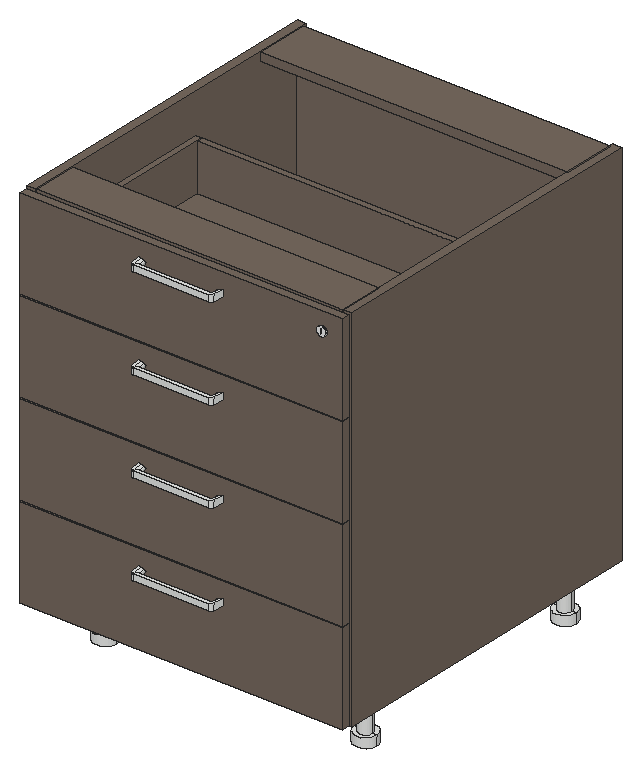
Revit family "Base_Cabinets-Teknion-CEBDF_Base_Cabinet_Four_Drawers-R2022", category Furniture, Revit 2023 (continued)
Dimensions and locks (in)
  Sweep 18 sketch curve to Sweep 18 sketch curve to Sweep 18 sketch curve to Sweep 18 sketch curve to Sweep 18 sketch curve to plane 3 "Center Left/Right" = 0.03625" locked, 0.001" locked, 0.23103" locked, 0.000" locked, 3.03336" locked
  Sweep 18 sketch curve to Sweep 18 sketch curve to Sweep 18 sketch curve to Sweep 18 sketch curve to Sweep 18 sketch curve to plane 2 = 0.11466" locked, 0.15109" locked, 0.15109" locked, 0.11416" locked, 33.04183" locked
  plane 2 to Sweep 23 sketch curve to Sweep 23 sketch curve = 7.6063" locked, 27.3937" locked
  equal spacing: Sweep 23 sketch curve, plane 3 "Center Left/Right", Sweep 23 sketch curve
  Sweep 23 sketch curve to Sweep 23 sketch curve to plane 7 "Front" to Sweep 23 sketch curve = 0.51007" locked, 0.7874" locked, 0.63829" locked
  Sweep 24 sketch curve to Sweep 24 sketch curve to plane 7 "Front" = 15.66929" locked, 0.83858" locked
  Sweep 24 sketch curve to Sweep 24 sketch curve to plane 5 "Right" = 0.43701" locked, 0.74016" locked
  Sweep 24 sketch curve to Sweep 24 sketch curve to plane 4 "Left" = 0.43701" locked, 0.74016" locked
  locked: Sweep 24 sketch curve to Sweep 24 sketch curve at 1.5  (x4)
  locked: Sweep 25 sketch curve to plane 7 "Front" at 0.05906
  Sweep 25 sketch curve to Sweep 25 sketch curve to Sweep 25 sketch curve to plane 5 "Right" = 0.04921" locked, 0.04921" locked, 1.70276" locked
  plane 8 "Top" to Sweep 25 sketch curve to Sweep 25 sketch curve to Sweep 25 sketch curve = 1.39173" locked, 0.18701" locked, 0.18701" locked
  Masking region 4 sketch curve to Masking region 4 sketch curve to Masking region 4 sketch curve to plane 3 "Center Left/Right" to Masking region 4 sketch curve to Masking region 4 sketch curve to Masking region 4 sketch curve = 0.50841" locked, 0.12564" locked, 2.86103" locked, 2.86103" locked, 0.12564" locked, 0.50841" locked
  locked: plane 12 to plane 14 at 0.11812
  locked: plane 15 to plane 16 at 0.11812
  "Dim - Front": plane 14 to plane 15
  locked: plane 17 to plane 9 at 0.11811
  "Dim - Front": plane 16 to plane 17
  locked: plane 8 "Top" to plane 18 at 0.11811
  locked: plane 7 "Front" to Sweep 26 sketch curve at 0.70079
  locked: Sweep 26 sketch curve to plane 4 "Left" at 0.05906
  locked: Sweep 26 sketch curve to plane 5 "Right" at 0.05906
  Sweep 27 sketch curve to Sweep 27 sketch curve to plane 2 = 0.531" locked, 16.04282" locked
  Sweep 27 sketch curve to Sweep 27 sketch curve to Sweep 27 sketch curve to Sweep 27 sketch curve to Sweep 27 sketch curve to plane 3 "Center Left/Right" to Sweep 27 sketch curve to Sweep 27 sketch curve to Sweep 27 sketch curve to Sweep 27 sketch curve to Sweep 27 sketch curve = 0.09873" locked, 0.03907" locked, 0.12564" locked, 0.08343" locked, 3.14821" locked, 3.14821" locked, 0.08343" locked, 0.12564" locked, 0.03907" locked, 0.09873" locked
  Sweep 27 sketch curve to Sweep 27 sketch curve to plane 7 "Front" = 0.23622" locked, 0.7874" locked
  Sweep 28 sketch curve to Sweep 28 sketch curve to plane 2 = 0.531" locked, 9.98081" locked
  Sweep 28 sketch curve to Sweep 28 sketch curve to Sweep 28 sketch curve to Sweep 28 sketch curve to Sweep 28 sketch curve to plane 3 "Center Left/Right" to Sweep 28 sketch curve to Sweep 28 sketch curve to Sweep 28 sketch curve to Sweep 28 sketch curve to Sweep 28 sketch curve = 0.09873" locked, 0.03907" locked, 0.12564" locked, 0.08343" locked, 3.14821" locked, 3.14821" locked, 0.08343" locked, 0.12564" locked, 0.03907" locked, 0.09873" locked
  Sweep 28 sketch curve to Sweep 28 sketch curve to plane 7 "Front" = 0.23622" locked, 0.7874" locked
  Sweep 30 sketch curve to Sweep 30 sketch curve to Sweep 30 sketch curve to Sweep 30 sketch curve to Sweep 30 sketch curve to plane 3 "Center Left/Right" = 0.03625" locked, 0.001" locked, 0.23103" locked, 0.000" locked, 3.03336" locked
  Sweep 30 sketch curve to Sweep 30 sketch curve to Sweep 30 sketch curve to Sweep 30 sketch curve to Sweep 30 sketch curve to plane 2 = 0.11466" locked, 0.15109" locked, 0.15109" locked, 0.11416" locked, 16.04282" locked
  plane 3 "Center Left/Right" to Sweep 30 sketch curve to Sweep 30 sketch curve = 3.17469" locked, 0.25392" locked
  Sweep 30 sketch curve to plane 7 "Front" to Sweep 30 sketch curve = 1.14439" locked, 0.44698" locked
  Sweep 29 sketch curve to Sweep 29 sketch curve to Sweep 29 sketch curve to Sweep 29 sketch curve to Sweep 29 sketch curve to plane 3 "Center Left/Right" = 0.03625" locked, 0.001" locked, 0.23103" locked, 0.000" locked, 3.03336" locked
  Sweep 29 sketch curve to Sweep 29 sketch curve to Sweep 29 sketch curve to Sweep 29 sketch curve to Sweep 29 sketch curve to plane 2 = 0.11466" locked, 0.15109" locked, 0.15109" locked, 0.11416" locked, 9.98081" locked
  plane 3 "Center Left/Right" to Sweep 29 sketch curve to Sweep 29 sketch curve = 3.17469" locked, 0.25392" locked
  Sweep 29 sketch curve to plane 7 "Front" to Sweep 29 sketch curve = 1.14439" locked, 0.44698" locked
  Sweep 31 sketch curve to Sweep 31 sketch curve to Sweep 31 sketch curve to Sweep 31 sketch curve to Sweep 31 sketch curve to plane 3 "Center Left/Right" = 0.03625" locked, 0.001" locked, 0.23103" locked, 0.000" locked, 3.03336" locked
  Sweep 31 sketch curve to Sweep 31 sketch curve to Sweep 31 sketch curve to Sweep 31 sketch curve to Sweep 31 sketch curve to plane 2 = 0.11466" locked, 0.15109" locked, 0.15109" locked, 0.11416" locked, 16.04282" locked
  plane 3 "Center Left/Right" to Sweep 31 sketch curve to Sweep 31 sketch curve = 3.17469" locked, 0.25392" locked
  Sweep 31 sketch curve to plane 7 "Front" to Sweep 31 sketch curve = 1.14439" locked, 0.44698" locked
  Sweep 32 sketch curve to Sweep 32 sketch curve to Sweep 32 sketch curve to Sweep 32 sketch curve to Sweep 32 sketch curve to plane 3 "Center Left/Right" = 0.03625" locked, 0.001" locked, 0.23103" locked, 0.000" locked, 3.03336" locked
  Sweep 32 sketch curve to Sweep 32 sketch curve to Sweep 32 sketch curve to Sweep 32 sketch curve to Sweep 32 sketch curve to plane 2 = 0.11466" locked, 0.15109" locked, 0.15109" locked, 0.11416" locked, 9.98081" locked
  Sweep 33 sketch curve to Sweep 33 sketch curve to plane 2 = 0.531" locked, 9.16831" locked
  Sweep 36 sketch curve to Sweep 36 sketch curve to plane 2 = 0.531" locked, 17.66782" locked
  Sweep 36 sketch curve to Sweep 36 sketch curve to Sweep 36 sketch curve to Sweep 36 sketch curve to Sweep 36 sketch curve to plane 3 "Center Left/Right" to Sweep 36 sketch curve to Sweep 36 sketch curve to Sweep 36 sketch curve to Sweep 36 sketch curve to Sweep 36 sketch curve = 0.09873" locked, 0.03907" locked, 0.12564" locked, 0.08343" locked, 3.14821" locked, 3.14821" locked, 0.08343" locked, 0.12564" locked, 0.03907" locked, 0.09873" locked
  Sweep 36 sketch curve to Sweep 36 sketch curve to plane 7 "Front" = 0.23622" locked, 0.7874" locked
  Sweep 33 sketch curve to Sweep 33 sketch curve to Sweep 33 sketch curve to Sweep 33 sketch curve to Sweep 33 sketch curve to plane 3 "Center Left/Right" to Sweep 33 sketch curve to Sweep 33 sketch curve to Sweep 33 sketch curve to Sweep 33 sketch curve to Sweep 33 sketch curve = 0.09873" locked, 0.03907" locked, 0.12564" locked, 0.08343" locked, 3.14821" locked, 3.14821" locked, 0.08343" locked, 0.12564" locked, 0.03907" locked, 0.09873" locked
  Sweep 33 sketch curve to Sweep 33 sketch curve to plane 7 "Front" = 0.23622" locked, 0.7874" locked
  plane 3 "Center Left/Right" to Sweep 34 sketch curve to Sweep 34 sketch curve = 3.17469" locked, 0.25392" locked
  Sweep 34 sketch curve to plane 7 "Front" to Sweep 34 sketch curve = 1.14439" locked, 0.44698" locked
  Sweep 34 sketch curve to Sweep 34 sketch curve to Sweep 34 sketch curve to Sweep 34 sketch curve to Sweep 34 sketch curve to plane 3 "Center Left/Right" = 0.03625" locked, 0.001" locked, 0.23103" locked, 0.000" locked, 3.03336" locked
  Sweep 34 sketch curve to Sweep 34 sketch curve to Sweep 34 sketch curve to Sweep 34 sketch curve to Sweep 34 sketch curve to plane 2 = 0.11466" locked, 0.15109" locked, 0.15109" locked, 0.11416" locked, 9.16831" locked
  Sweep 35 sketch curve to Sweep 35 sketch curve to Sweep 35 sketch curve to Sweep 35 sketch curve to Sweep 35 sketch curve to plane 3 "Center Left/Right" = 0.03625" locked, 0.001" locked, 0.23103" locked, 0.000" locked, 3.03336" locked
  Sweep 35 sketch curve to Sweep 35 sketch curve to Sweep 35 sketch curve to Sweep 35 sketch curve to Sweep 35 sketch curve to plane 2 = 0.11466" locked, 0.15109" locked, 0.15109" locked, 0.11416" locked, 9.16831" locked
  Sweep 35 sketch curve to Sweep 35 sketch curve to plane 3 "Center Left/Right" = 0.25392" locked, 3.17469" locked
  Sweep 35 sketch curve to plane 7 "Front" to Sweep 35 sketch curve = 1.14439" locked, 0.44698" locked
  Sweep 37 sketch curve to plane 7 "Front" to Sweep 37 sketch curve = 1.14439" locked, 0.44698" locked
  plane 3 "Center Left/Right" to Sweep 37 sketch curve to Sweep 37 sketch curve = 3.17469" locked, 0.25392" locked
  Sweep 37 sketch curve to Sweep 37 sketch curve to Sweep 37 sketch curve to Sweep 37 sketch curve to Sweep 37 sketch curve to plane 3 "Center Left/Right" = 0.03625" locked, 0.001" locked, 0.23103" locked, 0.000" locked, 3.03336" locked
  Sweep 37 sketch curve to Sweep 37 sketch curve to Sweep 37 sketch curve to Sweep 37 sketch curve to Sweep 37 sketch curve to plane 2 = 0.11466" locked, 0.15109" locked, 0.15109" locked, 0.11416" locked, 17.66782" locked
  Sweep 38 sketch curve to Sweep 38 sketch curve to Sweep 38 sketch curve to Sweep 38 sketch curve to Sweep 38 sketch curve to plane 3 "Center Left/Right" = 0.03625" locked, 0.001" locked, 0.23103" locked, 0.000" locked, 3.03336" locked
  Sweep 38 sketch curve to Sweep 38 sketch curve to Sweep 38 sketch curve to Sweep 38 sketch curve to Sweep 38 sketch curve to plane 2 = 0.11466" locked, 0.15109" locked, 0.15109" locked, 0.11416" locked, 17.66782" locked
  Sweep 38 sketch curve to Sweep 38 sketch curve to plane 3 "Center Left/Right" = 0.25392" locked, 3.17469" locked
  Sweep 38 sketch curve to plane 7 "Front" to Sweep 38 sketch curve = 1.14439" locked, 0.44698" locked
  locked: Sweep 10 sketch curve to Sweep 10 sketch curve at 0.43307
  Sweep 10 sketch curve to Sweep 10 sketch curve to plane 15 = 0.43307" locked, 0.650" locked
  Sweep 10 sketch curve to Sweep 10 sketch curve to plane 12 = 0.43307" locked, 0.65019" locked
  locked: plane 19 to plane 20 at 0.11812
  "Dim - Front": plane 20 to plane 12
  Sweep 10 sketch curve to Sweep 10 sketch curve to plane 19 = 0.43307" locked, 0.64928" locked
  locked: Sweep 10 sketch curve to Sweep 10 sketch curve at 1.5  (x2)
  locked: plane 5 "Right" to Sweep 10 sketch curve at 0.97638
  locked: Sweep 10 sketch curve to plane 4 "Left" at 0.97638
  locked: Sweep 10 sketch curve to plane 17 at 1.77756
  Sweep 39 sketch curve to Sweep 39 sketch curve to plane 7 "Front" = 19.29134" locked, 0.70079" locked
  "Dim - Height - Drawer - Undermount": Sweep 39 sketch curve to Sweep 39 sketch curve  (x4)
  locked: Sweep 39 sketch curve to plane 19 at 1.12172
  locked: Sweep 39 sketch curve to plane 12 at 1.12172
  locked: Sweep 39 sketch curve to plane 15 at 1.12172
  locked: Sweep 39 sketch curve to plane 17 at 2.25
  locked: Sweep 39 sketch curve to Sweep 39 sketch curve at 0.62992  (x2)
  locked: Sweep 39 sketch curve to plane 5 "Right" at 0.89764
  locked: Sweep 39 sketch curve to plane 4 "Left" at 0.89764
  locked: Sweep 40 sketch curve to plane 5 "Right" at 1.52756
  locked: plane 4 "Left" to Sweep 40 sketch curve at 1.52756
  "Dim - Height - Drawer - Undermount": Sweep 40 sketch curve to Sweep 40 sketch curve  (x4)
  plane 7 "Front" to Sweep 40 sketch curve to Sweep 40 sketch curve to Sweep 40 sketch curve to Sweep 40 sketch curve = 0.70079" locked, 0.62992" locked, 18.0315" locked, 0.62992" locked
  locked: Sweep 40 sketch curve to plane 17 at 2.25
  locked: Sweep 40 sketch curve to plane 15 at 1.12172
  locked: Sweep 40 sketch curve to plane 12 at 1.12172
  locked: Sweep 40 sketch curve to plane 19 at 1.12172
  locked: plane 4 "Left" to Sweep 41 sketch curve at 1.52756
  locked: Sweep 41 sketch curve to plane 5 "Right" at 1.52756
  Sweep 41 sketch curve to Sweep 41 sketch curve to plane 17 = 1.22047" locked, 2.250" locked
  plane 15 to Sweep 41 sketch curve to Sweep 41 sketch curve = 1.12172" locked, 1.22047" locked
  Sweep 41 sketch curve to Sweep 41 sketch curve to plane 12 = 1.22047" locked, 1.12172" locked
  Sweep 41 sketch curve to Sweep 41 sketch curve to plane 19 = 1.22047" locked, 1.12172" locked
  plane 7 "Front" to Sweep 41 sketch curve to Sweep 41 sketch curve = 1.33071" locked, 18.0315" locked
  locked: Sweep 24 sketch curve to plane 19 at 1.17833
  locked: Sweep 24 sketch curve to plane 12 at 1.17794
  locked: Sweep 24 sketch curve to plane 15 at 1.17756
  locked: Sweep 24 sketch curve to plane 17 at 2.5
  plane 7 "Front" to Sweep 42 sketch curve to Sweep 42 sketch curve = 0.70079" locked, 16.14173" locked
  Sweep 42 sketch curve to Sweep 42 sketch curve to plane 4 "Left" = 0.52362" locked, 1.21654" locked
  Sweep 42 sketch curve to Sweep 42 sketch curve to plane 5 "Right" = 0.52362" locked, 1.21654" locked
  "Dim - Height - Drawer - Standard": Sweep 42 sketch curve to Sweep 42 sketch curve  (x4)
  Sweep 42 sketch curve to plane 15 = 0.177"
  Sweep 42 sketch curve to plane 12 = 0.177"
  Sweep 42 sketch curve to plane 19 = 0.177"
  locked: plane 4 "Left" to Sweep 43 sketch curve at 1.74016
  locked: Sweep 43 sketch curve to plane 5 "Right" at 1.74016
  "Dim - Height - Drawer - Standard": Sweep 43 sketch curve to Sweep 43 sketch curve  (x4)
  locked: Sweep 43 sketch curve to plane 17 at 1.5
  locked: Sweep 43 sketch curve to plane 15 at 0.177
  locked: Sweep 43 sketch curve to plane 12 at 0.177
  locked: Sweep 43 sketch curve to plane 19 at 0.177
  locked: plane 4 "Left" to Sweep 44 sketch curve at 1.74016
  locked: Sweep 44 sketch curve to plane 5 "Right" at 1.74016
  plane 19 to Sweep 44 sketch curve to Sweep 44 sketch curve = 0.177" locked, 0.79134" locked
  Sweep 44 sketch curve to Sweep 44 sketch curve to plane 12 = 0.79134" locked, 0.177" locked
  Sweep 44 sketch curve to Sweep 44 sketch curve to plane 15 = 0.79134" locked, 0.177" locked
  Sweep 44 sketch curve to Sweep 44 sketch curve to plane 17 = 0.79134" locked, 1.500" locked
  plane 7 "Front" to Sweep 44 sketch curve to Sweep 44 sketch curve = 1.22441" locked, 15.09449" locked
  plane 7 "Front" to Sweep 43 sketch curve to Sweep 43 sketch curve to Sweep 43 sketch curve to Sweep 43 sketch curve = 0.70079" locked, 0.52362" locked, 15.09449" locked, 0.52362" locked
  Sweep 24 to Sweep 42 sketch curve = 0.42323"
  Sweep 42 sketch curve to plane 17 = 1.500"
  aligned and locked: level to plane 2
  aligned and locked: plane 4 "Left" to Sweep 1 sketch curve
  aligned and locked: plane 1 "Center Front/Back" to Sweep 1 sketch curve
  aligned and locked: Sweep 1 sketch curve to plane 8 "Top"
  aligned and locked: Sweep 1 sketch curve to plane 6 "Back"
  aligned and locked: plane 9 to Sweep 1 sketch curve
  aligned and locked: Sweep 2 sketch curve to plane 1 "Center Front/Back"
  aligned and locked: plane 5 "Right" to Sweep 2 sketch curve
  aligned and locked: plane 8 "Top" to Sweep 2 sketch curve
  aligned and locked: plane 6 "Back" to Sweep 2 sketch curve
  aligned and locked: Sweep 2 sketch curve to plane 9
  aligned and locked: Sweep 3 sketch curve to plane 1 "Center Front/Back"
  aligned and locked: plane 8 "Top" to Sweep 3 sketch curve
  aligned and locked: Sweep 3 sketch curve to plane 8 "Top"
  aligned and locked: Sweep 4 sketch curve to plane 1 "Center Front/Back"
  aligned and locked: curve 1 to plane 6 "Back"
  aligned and locked: plane 7 "Front" to curve 2
  aligned and locked: curve 3 to plane 4 "Left"
  aligned and locked: plane 5 "Right" to curve 4
  aligned and locked: plane 7 "Front" to nested 4
  aligned and locked: nested 4 to plane 5 "Right"
  aligned and locked: nested 3 to plane 5 "Right"
  aligned and locked: nested 3 to plane 6 "Back"
  aligned and locked: nested 1 to plane 6 "Back"
  aligned and locked: plane 4 "Left" to nested 1
  aligned and locked: nested 2 to plane 4 "Left"
  aligned and locked: plane 7 "Front" to nested 2
  aligned and locked: Sweep 5 sketch curve to plane 3 "Center Left/Right"
  aligned and locked: plane 9 to Sweep 5 sketch curve
  aligned and locked: Revolve 9 sketch curve to plane 9
  aligned and locked: plane 2 to Revolve 9 sketch curve
  aligned and locked: Revolve 6 sketch curve to plane 9
  aligned and locked: plane 2 to Revolve 6 sketch curve
  aligned and locked: plane 2 to Revolve 7 sketch curve
  aligned and locked: Revolve 7 sketch curve to plane 9
  aligned and locked: Revolve 8 sketch curve to plane 9
  aligned and locked: plane 2 to Revolve 8 sketch curve
  aligned and locked: plane 3 "Center Left/Right" to Sweep 10 sketch curve
  aligned and locked: Sweep 10 sketch curve to Sweep 10 sketch curve  (x20)
  aligned and locked: Sweep 11 sketch curve to plane 3 "Center Left/Right"
  aligned and locked: plane 7 "Front" to Sweep 11 sketch curve  (x2)
  aligned and locked: Sweep 12 sketch curve to plane 3 "Center Left/Right"
  aligned and locked: plane 7 "Front" to Sweep 12 sketch curve  (x2)
  aligned and locked: plane 3 "Center Left/Right" to Sweep 13 sketch curve
  aligned and locked: plane 7 "Front" to Sweep 13 sketch curve  (x2)
  aligned and locked: Sweep 14 sketch curve to plane 3 "Center Left/Right"
  aligned and locked: plane 7 "Front" to Sweep 14 sketch curve  (x2)
  aligned and locked: Sweep 23 sketch curve to plane 3 "Center Left/Right"
  aligned and locked: plane 7 "Front" to Sweep 23 sketch curve
  aligned and locked: Sweep 23 sketch curve to Sweep 23 sketch curve  (x2)
  aligned and locked: plane 3 "Center Left/Right" to Sweep 24 sketch curve
  aligned and locked: Sweep 24 sketch curve to Sweep 24 sketch curve  (x16)
  aligned and locked: Sweep 25 sketch curve to plane 3 "Center Left/Right"
  aligned and locked: plane 7 "Front" to Sweep 25 sketch curve
  aligned and locked: Masking region 1 sketch curve to Sweep 1  (x2)
  aligned and locked: Sweep 1 to Masking region 1 sketch curve
  aligned and locked: Masking region 1 sketch curve to Sweep 3  (x2)
  aligned and locked: Masking region 1 sketch curve to Sweep 2  (x3)
  aligned and locked: Masking region 3 sketch curve to Sweep 25  (x4)
  aligned and locked: Masking region 4 sketch curve to cut or joined group of Sweep 14, Sweep 15, Sweep 19, Sweep 23  (x3)
  aligned and locked: cut or joined group of Sweep 14, Sweep 15, Sweep 19, Sweep 23 to Masking region 4 sketch curve
  aligned and locked: plane 7 "Front" to Masking region 4 sketch curve
  aligned and locked: plane 3 "Center Left/Right" to Sweep 26 sketch curve
  aligned and locked: plane 7 "Front" to Sweep 26 sketch curve
  aligned and locked: plane 17 to Sweep 26 sketch curve
  aligned and locked: Sweep 26 sketch curve to plane 16
  aligned and locked: plane 15 to Sweep 26 sketch curve
  aligned and locked: Sweep 26 sketch curve to plane 14
  aligned and locked: Sweep 26 sketch curve to plane 18
  aligned and locked: Sweep 26 sketch curve to Sweep 26 sketch curve  (x6)
  aligned and locked: Sweep 27 sketch curve to plane 3 "Center Left/Right"
  aligned and locked: Sweep 27 sketch curve to plane 7 "Front"  (x2)
  aligned and locked: plane 3 "Center Left/Right" to Sweep 28 sketch curve
  aligned and locked: Sweep 28 sketch curve to plane 7 "Front"  (x2)
  aligned and locked: Sweep 33 sketch curve to plane 3 "Center Left/Right"
  aligned and locked: Sweep 36 sketch curve to plane 7 "Front"  (x2)
  aligned and locked: Sweep 33 sketch curve to plane 7 "Front"  (x2)
  aligned and locked: curve 5 to cut or joined group of Sweep 13, Sweep 18, Sweep 20, Sweep 23
  aligned and locked: curve 6 to cut or joined group of Sweep 13, Sweep 18, Sweep 20, Sweep 23
  aligned and locked: curve 7 to cut or joined group of Sweep 13, Sweep 18, Sweep 20, Sweep 23
  aligned and locked: curve 8 to Sweep 1
  aligned and locked: curve 9 to Sweep 2
  aligned and locked: curve 10 to Sweep 3
  aligned and locked: curve 11 to Sweep 3
  aligned and locked: curve 12 to Sweep 24
  aligned and locked: Sweep 24 to curve 13
  aligned and locked: Sweep 24 to curve 14
  aligned and locked: curve 15 to Sweep 24
  aligned and locked: Sweep 24 to curve 16
  aligned and locked: curve 17 to Sweep 24
  aligned and locked: curve 18 to Sweep 24
  aligned and locked: Sweep 24 to curve 19
  aligned and locked: curve 21 to Sweep 24
  aligned and locked: Sweep 24 to curve 20
  aligned and locked: curve 22 to Sweep 10
  aligned and locked: curve 23 to Sweep 10
  aligned and locked: curve 24 to Sweep 10
  aligned and locked: curve 25 to Sweep 10
  aligned and locked: curve 26 to Sweep 10
  aligned and locked: curve 27 to Sweep 10
  aligned and locked: curve 28 to Revolve 6
  aligned and locked: curve 29 to Revolve 6
  aligned and locked: curve 30 to Revolve 6
  aligned and locked: curve 31 to Revolve 6
  aligned and locked: curve 32 to Revolve 7
  aligned and locked: curve 33 to Revolve 7
  aligned and locked: curve 34 to Revolve 7
  aligned and locked: curve 35 to Revolve 7
  aligned and locked: curve 36 to Revolve 8
  aligned and locked: curve 37 to Revolve 8
  aligned and locked: curve 38 to Revolve 8
  aligned and locked: curve 39 to Revolve 8
  aligned and locked: curve 40 to Revolve 9
  aligned and locked: curve 41 to Revolve 9
  aligned and locked: curve 42 to Revolve 9
  aligned and locked: curve 43 to Revolve 9
  aligned and locked: curve 44 to Sweep 25
  aligned and locked: curve 45 to Sweep 25
  aligned and locked: plane 19 to Sweep 26 sketch curve
  aligned and locked: Sweep 26 sketch curve to plane 20
  aligned and locked: plane 12 to Sweep 26 sketch curve
  aligned and locked: Sweep 39 sketch curve to plane 3 "Center Left/Right"
  aligned and locked: Sweep 39 sketch curve to Sweep 39 sketch curve  (x20)
  aligned and locked: Sweep 40 sketch curve to plane 1 "Center Front/Back"
  aligned and locked: Sweep 40 sketch curve to Sweep 40 sketch curve  (x20)
  aligned and locked: Sweep 41 sketch curve to plane 1 "Center Front/Back"
  aligned and locked: Sweep 41 sketch curve to Sweep 41 sketch curve  (x6)
  aligned and locked: Sweep 42 sketch curve to plane 3 "Center Left/Right"
  aligned and locked: Sweep 42 sketch curve to Sweep 42 sketch curve  (x19)
  aligned and locked: Sweep 43 sketch curve to plane 1 "Center Front/Back"
  aligned and locked: Sweep 43 sketch curve to Sweep 43 sketch curve  (x20)
  aligned and locked: plane 1 "Center Front/Back" to Sweep 44 sketch curve
  aligned and locked: Sweep 44 sketch curve to Sweep 44 sketch curve  (x6)
  aligned and locked: Masking region 5 sketch curve to Sweep 42  (x2)
  aligned and locked: Sweep 1 to Masking region 5 sketch curve
  aligned and locked: Sweep 26 to Masking region 5 sketch curve
  aligned and locked: Masking region 6 sketch curve to Sweep 39  (x2)
  aligned and locked: Sweep 1 to Masking region 6 sketch curve
  aligned and locked: Sweep 26 to Masking region 6 sketch curve
  aligned and locked: Sweep 42 to curve 46
  aligned and locked: curve 47 to Sweep 42
  aligned and locked: curve 48 to Sweep 43
  aligned and locked: Sweep 42 to curve 49
  aligned and locked: curve 50 to Sweep 42
  aligned and locked: curve 51 to Sweep 43
  aligned and locked: curve 52 to Sweep 43
  aligned and locked: curve 53 to Sweep 42
  aligned and locked: curve 54 to Sweep 43
  aligned and locked: curve 55 to Sweep 43
  aligned and locked: Sweep 42 to curve 56
  aligned and locked: Sweep 39 to curve 57
  aligned and locked: curve 58 to Sweep 39
  aligned and locked: curve 59 to Sweep 40
  aligned and locked: Sweep 39 to curve 60
  aligned and locked: curve 61 to Sweep 39
  aligned and locked: Sweep 39 to curve 62
  aligned and locked: Sweep 39 to curve 63
  aligned and locked: Sweep 39 to curve 64
  aligned and locked: Sweep 39 to curve 65
  aligned and locked: plane 13 to curve 66
  aligned and locked: curve 70 to Sweep 40
  aligned and locked: curve 69 to Sweep 40
  aligned and locked: curve 71 to Sweep 40
  aligned and locked: curve 67 to Sweep 40
  aligned and locked: plane 13 to curve 74
  aligned and locked: plane 13 to curve 76
  aligned and locked: plane 13 to curve 75
  aligned and locked: curve 76 to Sweep 40
  aligned and locked: curve 75 to Sweep 40
  aligned and locked: curve 74 to Sweep 39
  aligned and locked: curve 77 to Sweep 40
  aligned and locked: curve 78 to Sweep 4
Automatic sketch dimensions
  Sweep 15 sketch curve to profile plane = 0.000"
  Sweep 15 sketch curve to profile plane = 0.03671"
  Sweep 15 sketch curve to profile plane = 0.03773"
  Sweep 15 sketch curve to profile plane = 0.19795"
  Sweep 15 sketch curve to Sweep 15 sketch curve = 0.07373"  (x2)
  level to Sweep 15 sketch curve = 29.79597"
  Sweep 15 sketch curve to Sweep 15 sketch curve = 0.11416"
  Sweep 16 sketch curve to profile plane = 0.000"
  Sweep 16 sketch curve to profile plane = 0.03671"
  Sweep 16 sketch curve to profile plane = 0.03773"
  Sweep 16 sketch curve to profile plane = 0.19795"
  Sweep 16 sketch curve to Sweep 16 sketch curve = 0.07373"  (x2)
  profile plane to Sweep 16 sketch curve = 29.79597"
  Sweep 16 sketch curve to Sweep 16 sketch curve = 0.11416"
  Sweep 17 sketch curve to profile plane = 0.000"
  Sweep 17 sketch curve to profile plane = 0.03671"
  Sweep 17 sketch curve to profile plane = 0.03773"
  Sweep 17 sketch curve to profile plane = 0.19795"
  Sweep 17 sketch curve to Sweep 17 sketch curve = 0.07373"  (x2)
  profile plane to Sweep 17 sketch curve = 29.79597"
  Sweep 17 sketch curve to Sweep 17 sketch curve = 0.11416"
  Sweep 18 sketch curve to profile plane = 0.000"
  Sweep 18 sketch curve to Sweep 18 sketch curve = 0.03671"
  Sweep 18 sketch curve to Sweep 18 sketch curve = 0.03773"
  Sweep 18 sketch curve to profile plane = 0.19795"
  Sweep 18 sketch curve to Sweep 18 sketch curve = 0.07373"  (x2)
  profile plane to Sweep 18 sketch curve = 29.79597"
  Sweep 18 sketch curve to Sweep 18 sketch curve = 0.11416"
  Sweep 19 sketch curve to profile plane = 0.000"
  profile plane to Sweep 19 sketch curve = 0.03671"
  profile plane to Sweep 19 sketch curve = 0.03773"
  profile plane to Sweep 19 sketch curve = 0.19795"
  Sweep 19 sketch curve to Sweep 19 sketch curve = 0.07373"  (x2)
  level to Sweep 19 sketch curve = 29.79597"
  Sweep 19 sketch curve to Sweep 19 sketch curve = 0.11416"
  Sweep 20 sketch curve to profile plane = 0.000"
  profile plane to Sweep 20 sketch curve = 0.03671"
  profile plane to Sweep 20 sketch curve = 0.03773"
  profile plane to Sweep 20 sketch curve = 0.19795"
  Sweep 20 sketch curve to Sweep 20 sketch curve = 0.07373"  (x2)
  profile plane to Sweep 20 sketch curve = 29.79597"
  Sweep 20 sketch curve to Sweep 20 sketch curve = 0.11416"
  Sweep 21 sketch curve to profile plane = 0.000"
  profile plane to Sweep 21 sketch curve = 0.03671"
  profile plane to Sweep 21 sketch curve = 0.03773"
  Sweep 22 sketch curve to profile plane = 0.000"
  profile plane to Sweep 22 sketch curve = 0.03671"
  profile plane to Sweep 22 sketch curve = 0.03773"
  profile plane to Sweep 22 sketch curve = 0.19795"
  Sweep 22 sketch curve to Sweep 22 sketch curve = 0.07373"  (x2)
  profile plane to Sweep 22 sketch curve = 29.79597"
  Sweep 22 sketch curve to Sweep 22 sketch curve = 0.11416"
  Sweep 29 sketch curve to profile plane = 0.000"
  Sweep 29 sketch curve to profile plane = 0.03671"
  Sweep 29 sketch curve to profile plane = 0.03773"
  Sweep 29 sketch curve to profile plane = 0.19795"
  Sweep 29 sketch curve to Sweep 29 sketch curve = 0.07373"  (x2)
  profile plane to Sweep 29 sketch curve = 18.04252"
  Sweep 29 sketch curve to Sweep 29 sketch curve = 0.11416"
  Sweep 30 sketch curve to profile plane = 0.000"
  Sweep 30 sketch curve to profile plane = 0.03671"
  Sweep 30 sketch curve to profile plane = 0.03773"
  Sweep 30 sketch curve to profile plane = 0.19795"
  Sweep 30 sketch curve to Sweep 30 sketch curve = 0.07373"  (x2)
  profile plane to Sweep 30 sketch curve = 22.88583"
  Sweep 30 sketch curve to Sweep 30 sketch curve = 0.11416"
  Sweep 31 sketch curve to profile plane = 0.000"
  Sweep 31 sketch curve to Sweep 31 sketch curve = 0.03671"
  Sweep 31 sketch curve to Sweep 31 sketch curve = 0.03773"
  Sweep 31 sketch curve to Sweep 31 sketch curve = 0.07373"  (x2)
  level to Sweep 31 sketch curve = 16.04282"
  Sweep 31 sketch curve to Sweep 31 sketch curve = 0.11416"
  Sweep 31 sketch curve to Sweep 31 sketch curve = 0.11466"
  Sweep 32 sketch curve to profile plane = 0.000"
  Sweep 32 sketch curve to profile plane = 0.03671"
  Sweep 32 sketch curve to profile plane = 0.03773"
  Sweep 32 sketch curve to Sweep 32 sketch curve = 0.07373"  (x2)
  profile plane to Sweep 32 sketch curve = 11.19951"
  Sweep 32 sketch curve to Sweep 32 sketch curve = 0.11416"
  Sweep 32 sketch curve to Sweep 32 sketch curve = 0.11466"
  Revolve 6 sketch curve to level = 3.11614"
  plane 17 to Revolve 6 sketch curve = 1.88189"
  Revolve 7 sketch curve to level = 2.11614"
  plane 17 to Revolve 7 sketch curve = 1.88189"
  Revolve 8 sketch curve to level = 1.11614"
  plane 17 to Revolve 8 sketch curve = 1.13189"
  plane 17 to Revolve 9 sketch curve = 1.38189"
  Revolve 9 sketch curve to level = 3.11614"
  profile plane to Sweep 23 sketch curve = 3.70705"
  Sweep 25 sketch curve to Sweep 25 sketch curve = 0.34449"
  Sweep 25 sketch curve to Sweep 25 sketch curve = 0.18701"  (x2)
  Sweep 34 sketch curve to profile plane = 0.000"
  Sweep 34 sketch curve to profile plane = 0.03671"
  Sweep 34 sketch curve to profile plane = 0.03773"
  Sweep 34 sketch curve to Sweep 34 sketch curve = 0.07373"  (x2)
  level to Sweep 34 sketch curve = 9.16831"
  Sweep 34 sketch curve to Sweep 34 sketch curve = 0.11416"
  Sweep 34 sketch curve to Sweep 34 sketch curve = 0.11466"
  Sweep 35 sketch curve to profile plane = 0.000"
  Sweep 35 sketch curve to profile plane = 0.03671"
  Sweep 35 sketch curve to profile plane = 0.03773"
  Sweep 35 sketch curve to Sweep 35 sketch curve = 0.07373"  (x2)
  level to Sweep 35 sketch curve = 9.16831"
  Sweep 35 sketch curve to Sweep 35 sketch curve = 0.11416"
  Sweep 35 sketch curve to Sweep 35 sketch curve = 0.11466"
  Sweep 36 sketch curve to plane 3 "Center Left/Right" = 0.000"
  Sweep 37 sketch curve to profile plane = 0.000"
  Sweep 37 sketch curve to profile plane = 0.03671"
  Sweep 37 sketch curve to profile plane = 0.03773"
  Sweep 37 sketch curve to Sweep 37 sketch curve = 0.07373"  (x2)
  profile plane to Sweep 37 sketch curve = 8.50187"
  Sweep 37 sketch curve to Sweep 37 sketch curve = 0.11416"
  Sweep 37 sketch curve to Sweep 37 sketch curve = 0.11466"
  Sweep 38 sketch curve to profile plane = 0.000"
  Sweep 38 sketch curve to profile plane = 0.03671"
  Sweep 38 sketch curve to profile plane = 0.03773"
  Sweep 38 sketch curve to Sweep 38 sketch curve = 0.07373"  (x2)
  profile plane to Sweep 38 sketch curve = 8.50187"
  Sweep 38 sketch curve to Sweep 38 sketch curve = 0.11416"
  Sweep 38 sketch curve to Sweep 38 sketch curve = 0.11466"
  Sweep 24 sketch curve to Sweep 24 sketch curve = 0.000"  (x2)
  Sweep 24 sketch curve to Sweep 24 sketch curve = 0.43701"  (x2)
  Sweep 14 sketch curve to Sweep 14 sketch curve = 0.01669"
  plane 7 "Front" to Masking region 2 sketch curve = 0.000"
  plane 4 "Left" to Masking region 2 sketch curve = 0.05906"
  plane 5 "Right" to Masking region 2 sketch curve = 0.05906"
  Masking region 2 sketch curve to plane 7 "Front" = 0.70079"
  plane 7 "Front" to Sweep 32 sketch curve = 1.14439"
  plane 3 "Center Left/Right" to Sweep 32 sketch curve = 3.17469"
  Sweep 32 sketch curve to plane 7 "Front" = 0.44698"
  Sweep 32 sketch curve to Sweep 32 sketch curve = 0.25392"
  plane 7 "Front" to curve 6 = 0.000"
  plane 7 "Front" to curve 7 = 0.000"
  plane 7 "Front" to curve 45 = 0.000"
  plane 7 "Front" to curve 44 = 0.000"
  curve 32 to plane 11 "Foot 1" = 0.000"  (x2)
  curve 33 to plane 11 "Foot 1" = 0.000"  (x2)
  curve 31 to plane 11 "Foot 1" = 0.000"  (x2)
  curve 30 to plane 11 "Foot 1" = 0.000"  (x2)
  curve 40 to plane 10 "Foot 2" = 0.000"  (x2)
  curve 39 to plane 10 "Foot 2" = 0.000"
  curve 38 to plane 10 "Foot 2" = 0.000"
  curve 41 to plane 10 "Foot 2" = 0.000"  (x2)
  curve 37 to plane 10 "Foot 2" = 0.000"
  curve 36 to plane 10 "Foot 2" = 0.000"
  curve 8 to plane 6 "Back" = 0.000"
  curve 9 to plane 6 "Back" = 0.000"
  curve 45 to curve 45 = 0.05906"
  curve 44 to curve 44 = 0.05906"
  curve 46 to plane 7 "Front" = 0.70079"
  curve 47 to curve 48 = 0.52362"
  curve 49 to curve 48 = 0.52362"
  curve 57 to curve 46 = 0.000"
  curve 58 to curve 47 = 0.000"
  curve 49 to curve 50 = 0.000"
  curve 50 to curve 61 = 0.000"
  curve 49 to curve 60 = 0.000"
  curve 61 to curve 9 = 0.1378"
  curve 57 to curve 20 = 0.1378"
  curve 61 to curve 26 = 0.1378"
  curve 49 to curve 25 = 0.1378"
  curve 8 to curve 20 = 0.000"
  curve 47 to curve 23 = 0.1378"
  curve 57 to curve 22 = 0.1378"
  curve 46 to curve 21 = 0.1378"
  curve 18 to curve 9 = 0.000"
  curve 50 to curve 19 = 0.1378"
Nested families (in)
  nested 1: "Teknion_2D_Node_Family-R2016" at (7.5, 0, 0), type "Teknion_2D_Node_Family-R2016"
  nested 2: "Teknion_2D_Node_Family-R2016" at (7.5, -29, 0), type "Teknion_2D_Node_Family-R2016"
  nested 3: "Teknion_2D_Node_Family-R2016" at (34.5, 0, 0), type "Teknion_2D_Node_Family-R2016"
  nested 4: "Teknion_2D_Node_Family-R2016" at (34.5, -29, 0), type "Teknion_2D_Node_Family-R2016"
Definition of nested family "Teknion_2D_Node_Family-R2016"
  Reference planes (in)
    plane 1 "Center (Front/Back)": y = 0
    plane 2: z = 0
    plane 3 "Center (Left/Right)": x = 0
  Lines and regions (in)
    detail lines, in view "Ref. Level"
      curve 1: circle (0, 0, 0) r 1.25 normal (0, 0, 1)
      curve 2: line (1.91508, -1.91508, 0) -> (-1.91508, 1.91508, 0)
      curve 3: line (-1.91508, -1.91508, 0) -> (1.91508, 1.91508, 0)
